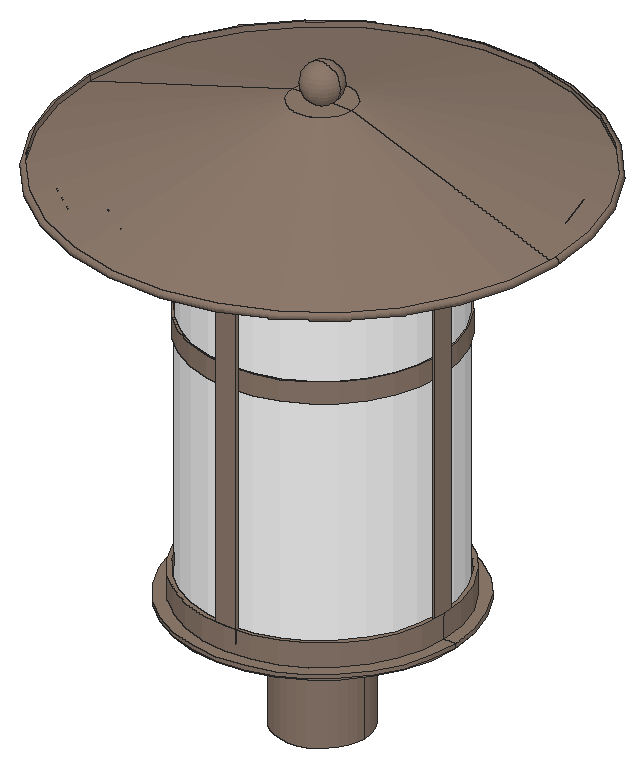
Revit family "LA060", category Generic Models, Revit 2014
Parameters
  LENS = Acrylic, Clear
  HOUSING = Bronze, Architectural
Reference planes (in)
  plane 1 "Center (Front/Back)": y = 0
  plane 2: z = 0
  plane 3 "Center (Left/Right)": x = 0
Forms (in)
  Revolve 1, solid, material "Bronze, Architectural" <- "HOUSING"
    sketch origin (0, 0, 0) x (1, 0, 0) y (0, 0, 1)
      loop
        line (-0.33824, 20.82687) -> (-1.08637, 20.82687) -> (-8.69612, 18.39464) -> (-8.69612, 18.58664)
        arc (-8.69612, 18.58664) -> (-8.82539, 18.44814) -> (-8.67814, 18.32893) r 0.12949
        line (-8.67814, 18.32893) -> (-1.07576, 20.7588) -> (0, 20.7588) -> (0, 22.09243)
        arc (0, 22.09243) -> (-0.65499, 21.5895) -> (-0.33824, 20.82687) r 0.67798
      axis (0, 22.09243) -> (0, 18.32893)
    angle from 0 to 360
  Revolve 2, solid, material "Bronze, Architectural" <- "HOUSING"
    sketch origin (0, 0, 0) x (1, 0, 0) y (0, 0, 1)
      loop
        line (-7.85584, 18.48337) -> (-7.10409, 18.72364) -> (-6.54701, 18.16656) -> (-4.60581, 18.16656)
        arc (-4.60581, 18.16656) -> (-4.57212, 18.1526) -> (-4.55817, 18.11891) r 0.04764
        line (-4.55817, 18.11891) -> (-4.55817, 16.73041) -> (-4.4901, 16.73041) -> (-4.4901, 18.11891)
        arc (-4.4901, 18.11891) -> (-4.52399, 18.20073) -> (-4.60581, 18.23462) r 0.11571
        line (-4.60581, 18.23462) -> (-3.24031, 18.23462) -> (-3.24031, 18.34097) -> (-6.47476, 18.34097) -> (-7.00178, 18.86799) -> (-7.88822, 18.58467) -> (-7.85584, 18.48337)
      axis (0, 18.86799) -> (0, 16.73041)
    angle from 0 to 360
  Revolve 3, solid, material "Bronze, Architectural" <- "HOUSING"
    sketch origin (0, 0, 0) x (1, 0, 0) y (0, 0, 1)
      loop
        line (-0.43561, 8.60763) -> (-2.53593, 8.60763) -> (-2.53593, 4.76542) -> (-4.10468, 4.76542) -> (-4.10468, 4.2924) -> (-4.42257, 4.2924) -> (-4.42257, 5.19637) -> (-4.55817, 5.19637) -> (-4.55817, 4.37014) -> (-4.97611, 4.37014) -> (-4.97611, 4.23454) -> (-4.94447, 4.23454) -> (-4.94447, 4.17669) -> (-4.24027, 4.17669) -> (-4.24027, 3.89178) -> (-1.82589, 2.59493) -> (-1.59482, 2.59493) -> (-1.59482, 0) -> (-1.27152, 0) -> (-1.27152, 2.59493) -> (-0.1968, 2.59493) -> (-0.1968, 2.76509) -> (-1.78308, 2.76509) -> (-3.93452, 3.9207) -> (-3.93452, 4.67503) -> (-2.31951, 4.67503) -> (-2.31951, 8.03178) -> (-1.87133, 8.03178) -> (-1.87133, 8.44768) -> (-0.43561, 8.44768) -> (-0.43561, 8.60763)
      axis (0, 8.60763) -> (0, 0)
    angle from 0 to 360
  Revolve 4, solid, material "Bronze, Architectural" <- "HOUSING"
    sketch origin (0, 0, 0) x (1, 0, 0) y (0, 0, 1)
      loop
        line (-4.42257, 13.84997) -> (-4.42257, 13.12679) -> (-4.36917, 13.12679) -> (-4.36917, 13.84997) -> (-4.42257, 13.84997)
      axis (0, 13.84997) -> (0, 13.12679)
    angle from 0 to 360
  Extrusion 5, solid, material "Bronze, Architectural" <- "HOUSING"
    sketch origin (-0.21484, 0, 0) x (1, 0, 0) y (0, 0, -1)
      loop
        line (-4.27526, -18.04202) -> (-4.20773, -18.04202) -> (-4.20773, -4.71881) -> (-4.27526, -4.71881) -> (-4.27526, -18.04202)
    from -0.375 to 0.375
  Revolve 6, solid, material "Acrylic, Clear" <- "LENS"
    sketch origin (0, 0, 0) x (1, 0, 0) y (0, 0, 1)
      loop
        line (-4.21473, 4.2924) -> (-4.21473, 17.97285) -> (-4.33973, 17.97285) -> (-4.33973, 4.2924) -> (-4.21473, 4.2924)
      axis (0, 4.2924) -> (0, 17.97285)
    angle from 0 to 360
  Extrusion 7, solid, material "Bronze, Architectural" <- "HOUSING"
    sketch origin (0.21484, 0, 0) x (-1, 0, 0) y (0, 0, 1)
      loop
        line (-4.27526, 18.04202) -> (-4.27526, 4.71881) -> (-4.20773, 4.71881) -> (-4.20773, 18.04202) -> (-4.27526, 18.04202)
    from -0.375 to 0.375
  Extrusion 8, solid, material "Bronze, Architectural" <- "HOUSING"
    sketch origin (0, -0.21484, 0) x (0, 1, 0) y (0, 0, -1)
      loop
        line (-4.27526, -18.04202) -> (-4.20773, -18.04202) -> (-4.20773, -4.71881) -> (-4.27526, -4.71881) -> (-4.27526, -18.04202)
    from -0.375 to 0.375
  Extrusion 9, solid, material "Bronze, Architectural" <- "HOUSING"
    sketch origin (0, 0.21484, 0) x (0, -1, 0) y (0, 0, 1)
      loop
        line (-4.27526, 18.04202) -> (-4.27526, 4.71881) -> (-4.20773, 4.71881) -> (-4.20773, 18.04202) -> (-4.27526, 18.04202)
    from -0.375 to 0.375
Dimensions and locks (in)
  aligned and locked: plane 2 to level
